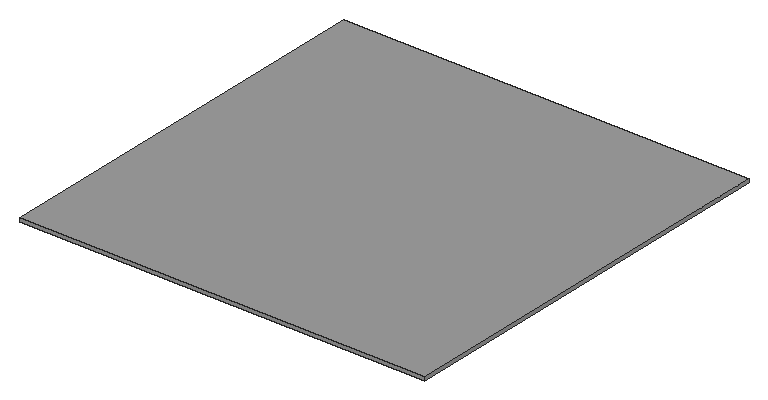
Revit family "WM-MN Unskimmend Family 35mm", category Generic Models, host Ceiling, Revit 2017
Family settings
  Host = Ceiling
  Can host rebar = No
  Round Connector Dimension = Use Diameter
  Part Type = Normal
  Always vertical = Yes
  Cut with Voids When Loaded = No
  Shared = No
  Room Calculation Point = No
Parameters (values of type "Lambdaboard")
  Width = 4000 mm
  URL = "www.rigifoam.com"
  Type Comments = "duncan@rigifoam.com"
  Thermal Resistance = 1.4500 (m²·K)/W
  Thermal Conductivity = 0.0240 W/(m·K)
  Model = "WM/MN Unskimmend 35mm"
  Material = Polyisicyanurate
  Manufacturer = "Lambdaboard"
  Length = 4000 mm
  Description = "Flexible PIR Insulation"
  Depth = 35 mm
  Density = 40.0000 kg/m³
Reference planes
  plane 1 "Center (Front/Back)": y = 0
  plane 2: z = 0
  plane 3 "Center (Left/Right)": x = 0
  plane 4 "Ceiling": z = 4000
Forms (mm)
  Extrusion 1, solid, material "Polyisicyanurate" <- "Material"
    sketch origin (0, 0, 4000) x (0, 1, 0) y (-1, 0, 0)
      loop
        line (2000, 2000) -> (-2000, 2000) -> (-2000, -2000) -> (2000, -2000) -> (2000, 2000)
    from -35 to 0
Dimensions and locks
  equal spacing: host sketch curve, plane 3 "Center (Left/Right)", host sketch curve
  equal spacing: host sketch curve, plane 1 "Center (Front/Back)", host sketch curve
  host sketch curve to host sketch curve = 4000 mm  (x2)
  plane 4 "Ceiling" to host ceiling = 0 mm
  equal spacing: Extrusion 1, plane 3 "Center (Left/Right)", Extrusion 1
  "Length": Extrusion 1 to Extrusion 1
  "Width": Extrusion 1 to Extrusion 1
  "Depth": Extrusion 1 to Extrusion 1
Automatic sketch dimensions
  plane 1 "Center (Front/Back)" to Extrusion 1 sketch curve = 2000 mm
  Extrusion 1 sketch curve to plane 1 "Center (Front/Back)" = 2000 mm
  plane 3 "Center (Left/Right)" to Extrusion 1 sketch curve = 2000 mm
  Extrusion 1 sketch curve to plane 3 "Center (Left/Right)" = 2000 mm
